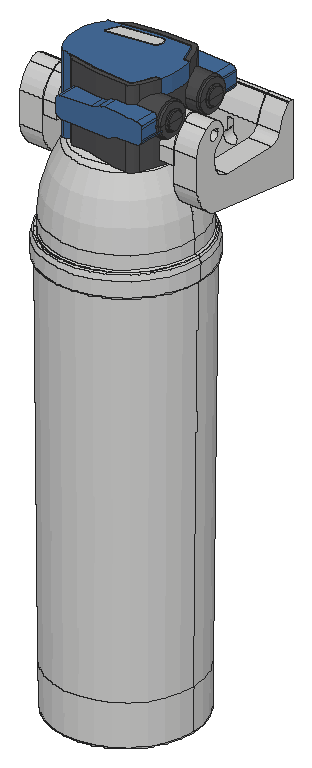
Revit family "QF_Vivreau_PURITY C300 Quell ST Advanced", category Specialty Equipment, Revit 2020 (continued)
Definition of nested family "QF_Vivreau_Wall Bracket_C300"
  Forms (in)
    Extrusion 4, void
      sketch origin (0, 0, 0) x (1, 0, 0) y (0, 0, 1)
        loop
          line (3.85556, 51.64984) -> (3.85556, 51.32671)
      from 0 to 0.50028
    Extrusion 5, solid
      sketch origin (0, 0, 0) x (0, 1, 0) y (0, 0, 1)
        loop
          arc (-3.32952, 53.13938) -> (-3.60078, 52.86696) -> (-3.74609, 52.51104) r 0.97803
          line (-3.74609, 52.51104) -> (-3.74609, 52.07575) -> (-3.04993, 52.07575) -> (-3.04993, 52.3197)
          arc (-3.04993, 52.3197) -> (-3.01891, 52.41996) -> (-2.95631, 52.50421) r 0.31113
          arc (-2.95631, 52.50421) -> (-2.87354, 52.58614) -> (-2.79381, 52.67102) r 3.21432
          arc (-2.79381, 52.67102) -> (-2.73635, 52.77182) -> (-2.7179, 52.88637) r 0.32555
          arc (-2.7179, 52.88637) -> (-2.77627, 53.07911) -> (-2.92668, 53.21301) r 0.37126
          arc (-2.92668, 53.21301) -> (-3.14017, 53.24223) -> (-3.32952, 53.13938) r 0.34587
      from 0.71175 to 1.13945
    Extrusion 6, solid
      sketch origin (4.34798, 0, 0) x (0, 1, 0) y (0, 0, 1)
        loop
          arc (-3.32952, 53.13938) -> (-3.60078, 52.86696) -> (-3.74609, 52.51104) r 0.97803
          line (-3.74609, 52.51104) -> (-3.74609, 52.07575) -> (-3.04993, 52.07575) -> (-3.04993, 52.3197)
          arc (-3.04993, 52.3197) -> (-3.01891, 52.41996) -> (-2.95631, 52.50421) r 0.31113
          arc (-2.95631, 52.50421) -> (-2.87354, 52.58614) -> (-2.79381, 52.67102) r 3.21432
          arc (-2.79381, 52.67102) -> (-2.73635, 52.77182) -> (-2.7179, 52.88637) r 0.32555
          arc (-2.7179, 52.88637) -> (-2.77627, 53.07911) -> (-2.92668, 53.21301) r 0.37126
          arc (-2.92668, 53.21301) -> (-3.14017, 53.24223) -> (-3.32952, 53.13938) r 0.34587
      from 0 to 0.4277
    Extrusion 7, solid
      sketch origin (0, 0, 0) x (0, 1, 0) y (0, 0, 1)
        loop
          circle (-3.06236, 52.875) r 0.17302
      from 1.13945 to 1.35172
    Extrusion 8, solid
      sketch origin (2.86179, 0, 0) x (0, 1, 0) y (0, 0, 1)
        loop
          circle (-3.06236, 52.875) r 0.17302
      from 1.19877 to 1.48618
  Cuts and joins
    Extrusion 4 cuts Extrusion 3
  Lines and regions (in)
    symbolic lines
      curve 1: line (0, -3.23537, 52.875) -> (0, -2.88934, 52.875)
      curve 2: line (0.40405, -0.13295, 0) -> (0.40405, 0, 0)
      curve 3: line (0.40405, 0, 0) -> (5.08337, 0, 0)
      curve 4: line (5.08337, -0.13295, 0) -> (5.08337, 0, 0)
      curve 5: line (0.40405, -0.13295, 0) -> (5.08337, -0.13295, 0)
      curve 6: arc (0.40405, -0.13295, 0) -> (0.42218, -0.30656, 0) -> (0.44979, -0.47891, 0) r 3.18691
      curve 7: arc (0.44979, -0.47891, 0) -> (0.44265, -0.54927, 0) -> (0.42407, -0.6175, 0) r 0.42983
      curve 8: arc (0.42407, -0.6175, 0) -> (0.08893, -1.60757, 0) -> (0, -2.64903, 0) r 4.34392
      curve 9: arc (1.01852, -0.51986, 0) -> (0.66155, -1.5729, 0) -> (0.57957, -2.68176, 0) r 4.40598
      curve 10: line (0.39328, -2.68176, 0) -> (1.02034, -2.68176, 0)
      curve 11: line (1.02034, -2.68176, 0) -> (1.02034, -3.68176, 0)
      curve 12: arc (0.39328, -2.68176, 0) -> (0.27454, -2.7648, 0) -> (0.22894, -2.90232, 0) r 0.23018
      curve 13: arc (0.12248, -3.08148, 0) -> (0.15422, -3.06272, 0) -> (0.17635, -3.03322, 0) r 0.09432
      curve 14: arc (0.17635, -3.03322, 0) -> (0.20476, -2.96863, 0) -> (0.22894, -2.90232, 0) r 1.08965
      curve 15: arc (0.12248, -3.08148, 0) -> (0.0982, -3.08363, 0) -> (0.07385, -3.08469, 0) r 0.54642
      curve 16: arc (0.07385, -3.08469, 0) -> (0.04284, -3.05822, 0) -> (0.0293, -3.01977, 0) r 0.07844
      curve 17: arc (0.39328, -2.68176, 0) -> (0.44322, -2.69561, 0) -> (0.47889, -2.7332, 0) r 0.09696
      curve 18: arc (0.47889, -2.7332, 0) -> (0.51971, -2.80727, 0) -> (0.54276, -2.88864, 0) r 0.37227
      curve 19: arc (0.54276, -2.88864, 0) -> (0.55909, -3.03706, 0) -> (0.54276, -3.18547, 0) r 0.68254
      curve 20: arc (0.54276, -3.18547, 0) -> (0.46763, -3.39851, 0) -> (0.34409, -3.58761, 0) r 0.94478
      curve 21: arc (0.34409, -3.58761, 0) -> (0.29471, -3.65131, 0) -> (0.23677, -3.70733, 0) r 0.5646
      curve 22: arc (0.23677, -3.70733, 0) -> (0.20133, -3.72715, 0) -> (0.16121, -3.73335, 0) r 0.11449
      curve 23: arc (0.16121, -3.73335, 0) -> (0.12018, -3.73371, 0) -> (0.07926, -3.73682, 0) r 0.61075
      curve 24: arc (0.07926, -3.73682, 0) -> (0.02221, -3.70198, 0) -> (0, -3.63894, 0) r 0.09968
      curve 25: line (0, -3.63894, 0) -> (0, -2.64903, 0)
      curve 26: arc (0.0293, -3.01977, 0) -> (0.01004, -2.90893, 0) -> (0, -2.79687, 0) r 1.36079
      curve 27: arc (0.07926, -3.73682, 0) -> (0.21195, -3.74363, 0) -> (0.3448, -3.74609, 0) r 4.0609
      curve 28: arc (0.3448, -3.74609, 0) -> (0.65283, -3.73623, 0) -> (0.95923, -3.70313, 0) r 4.07828
      curve 29: arc (0.95923, -3.70313, 0) -> (0.99081, -3.69537, 0) -> (1.02034, -3.68176, 0) r 0.17058
      curve 30: arc (5.08337, -0.13295, 0) -> (5.06524, -0.30656, 0) -> (5.03763, -0.47891, 0) r 3.18691
      curve 31: arc (5.03763, -0.47891, 0) -> (5.04477, -0.54927, 0) -> (5.06335, -0.6175, 0) r 0.42983
      curve 32: arc (5.06335, -0.6175, 0) -> (5.39849, -1.60757, 0) -> (5.48742, -2.64903, 0) r 4.34392
      curve 33: arc (4.4689, -0.51986, 0) -> (4.82587, -1.5729, 0) -> (4.90785, -2.68176, 0) r 4.40598
      curve 34: line (5.09414, -2.68176, 0) -> (4.46708, -2.68176, 0)
      curve 35: line (4.46708, -2.68176, 0) -> (4.46708, -3.68176, 0)
      curve 36: arc (5.09414, -2.68176, 0) -> (5.21288, -2.7648, 0) -> (5.25848, -2.90232, 0) r 0.23018
      curve 37: arc (5.36494, -3.08148, 0) -> (5.3332, -3.06272, 0) -> (5.31108, -3.03322, 0) r 0.09432
      curve 38: arc (5.31108, -3.03322, 0) -> (5.28266, -2.96863, 0) -> (5.25848, -2.90232, 0) r 1.08965
      curve 39: arc (5.36494, -3.08148, 0) -> (5.38922, -3.08363, 0) -> (5.41358, -3.08469, 0) r 0.54642
      curve 40: arc (5.41358, -3.08469, 0) -> (5.44458, -3.05822, 0) -> (5.45812, -3.01977, 0) r 0.07844
      curve 41: arc (5.09414, -2.68176, 0) -> (5.0442, -2.69561, 0) -> (5.00853, -2.7332, 0) r 0.09696
      curve 42: arc (5.00853, -2.7332, 0) -> (4.96771, -2.80727, 0) -> (4.94466, -2.88864, 0) r 0.37227
      curve 43: arc (4.94466, -2.88864, 0) -> (4.92833, -3.03706, 0) -> (4.94466, -3.18547, 0) r 0.68254
      curve 44: arc (4.94466, -3.18547, 0) -> (5.01979, -3.39851, 0) -> (5.14334, -3.58761, 0) r 0.94478
      curve 45: arc (5.14334, -3.58761, 0) -> (5.19271, -3.65131, 0) -> (5.25065, -3.70733, 0) r 0.5646
      curve 46: arc (5.25065, -3.70733, 0) -> (5.28609, -3.72715, 0) -> (5.32621, -3.73335, 0) r 0.11449
      curve 47: arc (5.32621, -3.73335, 0) -> (5.36725, -3.73371, 0) -> (5.40816, -3.73682, 0) r 0.61075
      curve 48: arc (5.40816, -3.73682, 0) -> (5.46521, -3.70198, 0) -> (5.48742, -3.63894, 0) r 0.09968
      curve 49: line (5.48742, -3.63894, 0) -> (5.48742, -2.64903, 0)
      curve 50: arc (5.45812, -3.01977, 0) -> (5.47738, -2.90893, 0) -> (5.48742, -2.79687, 0) r 1.36079
      curve 51: arc (5.40816, -3.73682, 0) -> (5.27547, -3.74363, 0) -> (5.14262, -3.74609, 0) r 4.0609
      curve 52: arc (5.14262, -3.74609, 0) -> (4.8346, -3.73623, 0) -> (4.52819, -3.70313, 0) r 4.07828
      curve 53: arc (4.52819, -3.70313, 0) -> (4.49661, -3.69537, 0) -> (4.46708, -3.68176, 0) r 0.17058
      curve 54: line (1.1815, -2.88934, 0) -> (1.02034, -2.88934, 0)
      curve 55: line (1.1815, -2.88934, 0) -> (1.1815, -3.23537, 0)
      curve 56: line (1.1815, -3.23537, 0) -> (1.02034, -3.23537, 0)
      curve 57: line (4.17639, -2.88934, 0) -> (4.46708, -2.88934, 0)
      curve 58: line (4.17639, -2.88934, 0) -> (4.17639, -3.23537, 0)
      curve 59: line (4.17639, -3.23537, 0) -> (4.46708, -3.23537, 0)
      curve 60: line (1.01852, -0.51986, 0) -> (4.4689, -0.51986, 0)
      curve 61: line (0, 0, 0) -> (5.48742, 0, 0)
  Dimensions and locks (in)
    "Depth": plane 4 "FRONT" to plane 1 "BACK"
    equal spacing: plane 4 "FRONT", plane 5 "Center (Front/Back)", plane 1 "BACK"
    locked: plane 3 "LEFT" to plane 7 "RIGHT" at 5.48742
    equal spacing: plane 3 "LEFT", plane 8 "Center (Left/Right)", plane 7 "RIGHT"
    plane 10 "Center F/D" to plane 9 "Center F/C" to plane 11 "Center F/E" to plane 12 "Center F/F" to plane 6 "Center (Bottom/Top)" to plane 14 "Center F/L" = 0' - 0.36597" locked, 0' - 0.36396" locked, 0' - 0.94337" locked, 0' - 1.25532" locked, 1' - 2.31235" locked
    locked: plane 13 "Center F/I" to plane 10 "Center F/D" at 0.16528
    "Mounting Height": plane 14 "Center F/L" to plane 2 "REF. LAYER"
    aligned and locked: level to plane 2 "REF. LAYER"
    aligned and locked: plane 11 "Center F/E" to Extrusion 1 sketch curve
    aligned and locked: plane 1 "BACK" to Extrusion 1 sketch curve
    aligned and locked: plane 12 "Center F/F" to Extrusion 1 sketch curve
    aligned and locked: Extrusion 1 sketch curve to plane 12 "Center F/F"
    aligned and locked: plane 4 "FRONT" to Extrusion 1 sketch curve
    aligned and locked: plane 3 "LEFT" to curve 61
    aligned and locked: plane 7 "RIGHT" to curve 61
    aligned and locked: curve 61 to plane 2 "REF. LAYER"
    aligned and locked: Extrusion 5 to Extrusion 1
    aligned and locked: Extrusion 6 to Extrusion 2
  Automatic sketch dimensions
    curve 1 to plane 9 "Center F/C" = 0' - 0"
    curve 1 to plane 4 "FRONT" = 0' - 0.51072"
    curve 1 to curve 1 = 0' - 0.34603"
    Extrusion 1 sketch curve to plane 9 "Center F/C" = 0' - 0"
    Extrusion 1 sketch curve to plane 6 "Center (Bottom/Top)" = 0' - 0"
    Extrusion 1 sketch curve to plane 12 "Center F/F" = 0' - 0"
    Extrusion 1 sketch curve to plane 11 "Center F/E" = 0' - 0"
    plane 4 "FRONT" to Extrusion 1 sketch curve = 0' - 1.42987"
    plane 9 "Center F/C" to Extrusion 1 sketch curve = 0' - 0.00416"
    Extrusion 1 sketch curve to plane 4 "FRONT" = 0' - 0.657"
    Extrusion 1 sketch curve to Extrusion 1 sketch curve = 0' - 0.01111"
    Extrusion 1 sketch curve to Extrusion 1 sketch curve = 0' - 0.02674"
    Extrusion 1 sketch curve to plane 11 "Center F/E" = 0' - 0.19134"
    Extrusion 1 sketch curve to Extrusion 1 sketch curve = 0' - 0.01242"
    plane 6 "Center (Bottom/Top)" to Extrusion 1 sketch curve = 0' - 0.39563"
    Extrusion 1 sketch curve to plane 4 "FRONT" = 0' - 0.69616"
    Extrusion 1 sketch curve to Extrusion 1 sketch curve = 0' - 0.01897"
    Extrusion 1 sketch curve to Extrusion 1 sketch curve = 0' - 0.26431"
    Extrusion 1 sketch curve to Extrusion 1 sketch curve = 0' - 0.04417"
    plane 12 "Center F/F" to Extrusion 1 sketch curve = 0' - 0.12897"
    Extrusion 1 sketch curve to Extrusion 1 sketch curve = 0' - 0.1996"
    plane 1 "BACK" to Extrusion 1 sketch curve = 0' - 0.82448"
    Extrusion 1 sketch curve to Extrusion 1 sketch curve = 0' - 0.01126"
    plane 1 "BACK" to Extrusion 1 sketch curve = 0' - 0.13295"
    Extrusion 1 sketch curve to Extrusion 1 sketch curve = 0' - 0.01033"
    Extrusion 1 sketch curve to plane 12 "Center F/F" = 0' - 0.24956"
    Extrusion 1 sketch curve to plane 1 "BACK" = 0' - 1.35693"
    plane 12 "Center F/F" to Extrusion 1 sketch curve = 0' - 0.33547"
    Extrusion 1 sketch curve to plane 11 "Center F/E" = 0' - 0.23186"
    Extrusion 1 sketch curve to Extrusion 1 sketch curve = 0' - 0.04736"
    Extrusion 1 sketch curve to plane 11 "Center F/E" = 0' - 0.05594"
    plane 9 "Center F/C" to Extrusion 1 sketch curve = 0' - 0.00505"
    Extrusion 1 sketch curve to Extrusion 1 sketch curve = 0' - 0.02283"
    Extrusion 1 sketch curve to plane 10 "Center F/D" = 0' - 0.10159"
    Extrusion 1 sketch curve to Extrusion 1 sketch curve = 0' - 0"  (x3)
    plane 11 "Center F/E" to Extrusion 1 sketch curve = 0' - 0.15998"
    Extrusion 2 sketch curve to plane 4 "FRONT" = 0' - 0"
    Extrusion 2 sketch curve to plane 9 "Center F/C" = 0' - 0"
    Extrusion 2 sketch curve to plane 12 "Center F/F" = 0' - 0"  (x2)
    Extrusion 2 sketch curve to plane 11 "Center F/E" = 0' - 0"  (x2)
    Extrusion 2 sketch curve to plane 1 "BACK" = 0' - 0"
    Extrusion 2 sketch curve to plane 6 "Center (Bottom/Top)" = 0' - 0"
    plane 4 "FRONT" to Extrusion 2 sketch curve = 0' - 1.42987"
    plane 9 "Center F/C" to Extrusion 2 sketch curve = 0' - 0.00416"
    Extrusion 2 sketch curve to plane 4 "FRONT" = 0' - 0.657"
    Extrusion 2 sketch curve to Extrusion 2 sketch curve = 0' - 0.01111"
    Extrusion 2 sketch curve to Extrusion 2 sketch curve = 0' - 0.02674"
    Extrusion 2 sketch curve to plane 11 "Center F/E" = 0' - 0.19134"
    Extrusion 2 sketch curve to Extrusion 2 sketch curve = 0' - 0.01242"
    plane 6 "Center (Bottom/Top)" to Extrusion 2 sketch curve = 0' - 0.39563"
    Extrusion 2 sketch curve to plane 4 "FRONT" = 0' - 0.69616"
    Extrusion 2 sketch curve to Extrusion 2 sketch curve = 0' - 0.01897"
    Extrusion 2 sketch curve to Extrusion 2 sketch curve = 0' - 0.26431"
    Extrusion 2 sketch curve to Extrusion 2 sketch curve = 0' - 0.04417"
    plane 12 "Center F/F" to Extrusion 2 sketch curve = 0' - 0.12897"
    Extrusion 2 sketch curve to Extrusion 2 sketch curve = 0' - 0.1996"
    plane 1 "BACK" to Extrusion 2 sketch curve = 0' - 0.82448"
    Extrusion 2 sketch curve to Extrusion 2 sketch curve = 0' - 0.01126"
    plane 1 "BACK" to Extrusion 2 sketch curve = 0' - 0.13295"
    Extrusion 2 sketch curve to Extrusion 2 sketch curve = 0' - 0.01033"
    Extrusion 2 sketch curve to plane 12 "Center F/F" = 0' - 0.24956"
    Extrusion 2 sketch curve to plane 1 "BACK" = 0' - 1.35693"
    plane 12 "Center F/F" to Extrusion 2 sketch curve = 0' - 0.33547"
    Extrusion 2 sketch curve to plane 11 "Center F/E" = 0' - 0.23186"
    Extrusion 2 sketch curve to Extrusion 2 sketch curve = 0' - 0.04736"
    Extrusion 2 sketch curve to plane 11 "Center F/E" = 0' - 0.05594"
    plane 9 "Center F/C" to Extrusion 2 sketch curve = 0' - 0.00505"
    Extrusion 2 sketch curve to Extrusion 2 sketch curve = 0' - 0.02283"
    Extrusion 2 sketch curve to plane 10 "Center F/D" = 0' - 0.10159"
    Extrusion 2 sketch curve to Extrusion 2 sketch curve = 0' - 0"  (x3)
    plane 11 "Center F/E" to Extrusion 2 sketch curve = 0' - 0.15998"
    Extrusion 3 sketch curve to plane 11 "Center F/E" = 0' - 0"
    Extrusion 3 sketch curve to plane 1 "BACK" = 0' - 0"
    Extrusion 3 sketch curve to plane 6 "Center (Bottom/Top)" = 0' - 0"
    Extrusion 3 sketch curve to plane 11 "Center F/E" = 0' - 0.05594"
    plane 1 "BACK" to Extrusion 3 sketch curve = 0' - 0.12262"
    Extrusion 3 sketch curve to Extrusion 3 sketch curve = 0' - 0.01033"
    plane 6 "Center (Bottom/Top)" to Extrusion 3 sketch curve = 0' - 0.0649"
    plane 1 "BACK" to Extrusion 3 sketch curve = 0' - 0.50028"
    Extrusion 3 sketch curve to plane 12 "Center F/F" = 0' - 0.24956"
    Extrusion 3 sketch curve to plane 1 "BACK" = 0' - 1.35693"
    plane 12 "Center F/F" to Extrusion 3 sketch curve = 0' - 0.24852"
    plane 12 "Center F/F" to Extrusion 4 sketch curve = 0' - 0.08217"  (x2)
    Extrusion 4 sketch curve to plane 8 "Center (Left/Right)" = 0' - 1.30818"
    Extrusion 4 sketch curve to Extrusion 4 sketch curve = 0' - 0.10205"  (x2)
    plane 12 "Center F/F" to Extrusion 4 sketch curve = 0' - 0.04972"  (x2)
    Extrusion 4 sketch curve to Extrusion 4 sketch curve = 0' - 0.1025"  (x2)
    Extrusion 4 sketch curve to Extrusion 4 sketch curve = 0' - 0.205"  (x2)
    Extrusion 4 sketch curve to plane 12 "Center F/F" = 0' - 0.24096"
    plane 8 "Center (Left/Right)" to Extrusion 4 sketch curve = 0' - 1.11185"
    Extrusion 4 sketch curve to plane 12 "Center F/F" = 0' - 0.24147"
    Extrusion 4 sketch curve to Extrusion 4 sketch curve = 0' - 0.00051"
    Extrusion 4 sketch curve to Extrusion 4 sketch curve = 0' - 0.18093"
    Extrusion 5 sketch curve to plane 4 "FRONT" = 0' - 0"
    Extrusion 5 sketch curve to plane 11 "Center F/E" = 0' - 0"
    plane 4 "FRONT" to Extrusion 5 sketch curve = 0' - 1.42987"
    plane 9 "Center F/C" to Extrusion 5 sketch curve = 0' - 0.00416"
    Extrusion 5 sketch curve to plane 4 "FRONT" = 0' - 0.657"
    Extrusion 5 sketch curve to Extrusion 5 sketch curve = 0' - 0.01111"
    Extrusion 5 sketch curve to plane 4 "FRONT" = 0' - 0.69616"
    Extrusion 5 sketch curve to Extrusion 5 sketch curve = 0' - 0.0346"
    Extrusion 5 sketch curve to Extrusion 5 sketch curve = 0' - 0.26431"
    Extrusion 5 sketch curve to Extrusion 5 sketch curve = 0' - 0.04417"
    Extrusion 5 sketch curve to plane 11 "Center F/E" = 0' - 0.1845"
    Extrusion 5 sketch curve to plane 11 "Center F/E" = 0' - 0.19134"
    Extrusion 5 sketch curve to Extrusion 5 sketch curve = 0' - 0.04736"
    Extrusion 5 sketch curve to Extrusion 5 sketch curve = 0' - 0.43529"
    plane 9 "Center F/C" to Extrusion 5 sketch curve = 0' - 0.00505"
    Extrusion 5 sketch curve to Extrusion 5 sketch curve = 0' - 0.02283"
    Extrusion 5 sketch curve to plane 10 "Center F/D" = 0' - 0.10159"
    Extrusion 5 sketch curve to Extrusion 5 sketch curve = 0' - 0"  (x2)
    plane 11 "Center F/E" to Extrusion 5 sketch curve = 0' - 0.15998"
    Extrusion 6 sketch curve to plane 4 "FRONT" = 0' - 0"
    Extrusion 6 sketch curve to plane 11 "Center F/E" = 0' - 0"
    plane 4 "FRONT" to Extrusion 6 sketch curve = 0' - 1.42987"
    plane 9 "Center F/C" to Extrusion 6 sketch curve = 0' - 0.00416"
    Extrusion 6 sketch curve to plane 4 "FRONT" = 0' - 0.657"
    Extrusion 6 sketch curve to Extrusion 6 sketch curve = 0' - 0.01111"
    Extrusion 6 sketch curve to plane 4 "FRONT" = 0' - 0.69616"
    Extrusion 6 sketch curve to Extrusion 6 sketch curve = 0' - 0.0346"
    Extrusion 6 sketch curve to Extrusion 6 sketch curve = 0' - 0.26431"
    Extrusion 6 sketch curve to Extrusion 6 sketch curve = 0' - 0.04417"
    Extrusion 6 sketch curve to plane 11 "Center F/E" = 0' - 0.1845"
    Extrusion 6 sketch curve to plane 11 "Center F/E" = 0' - 0.19134"
    Extrusion 6 sketch curve to Extrusion 6 sketch curve = 0' - 0.04736"
    Extrusion 6 sketch curve to Extrusion 6 sketch curve = 0' - 0.43529"
    plane 9 "Center F/C" to Extrusion 6 sketch curve = 0' - 0.00505"
    Extrusion 6 sketch curve to Extrusion 6 sketch curve = 0' - 0.02283"
    Extrusion 6 sketch curve to plane 10 "Center F/D" = 0' - 0.10159"
    Extrusion 6 sketch curve to Extrusion 6 sketch curve = 0' - 0"  (x2)
    plane 11 "Center F/E" to Extrusion 6 sketch curve = 0' - 0.15998"
    Extrusion 7 sketch curve to plane 9 "Center F/C" = 0' - 0"
    Extrusion 7 sketch curve to plane 4 "FRONT" = 0' - 0.68374"
    Extrusion 8 sketch curve to plane 9 "Center F/C" = 0' - 0"
    Extrusion 8 sketch curve to plane 4 "FRONT" = 0' - 0.68374"
    curve 26 to plane 3 "LEFT" = 0' - 0"
    plane 4 "FRONT" to curve 27 = 0' - 0"
    plane 1 "BACK" to curve 2 = 0' - 0"
    plane 4 "FRONT" to curve 51 = 0' - 0"
    curve 48 to plane 7 "RIGHT" = 0' - 0"
    curve 19 to plane 3 "LEFT" = 0' - 0.12345"
    curve 21 to plane 3 "LEFT" = 0' - 0.12571"
    curve 20 to curve 19 = 0' - 0.25597"
    curve 14 to curve 20 = 0' - 0.42691"
    plane 3 "LEFT" to curve 7 = 0' - 0.02004"
    plane 3 "LEFT" to curve 15 = 0' - 0.06218"
    plane 3 "LEFT" to curve 13 = 0' - 0.09129"
    plane 3 "LEFT" to curve 24 = 0' - 0.09968"
    curve 13 to curve 16 = 0' - 0.01623"
    plane 3 "LEFT" to curve 23 = 0' - 0.146"
    curve 24 to curve 22 = 0' - 0.06438"
    curve 16 to curve 18 = 0' - 0.06786"
    plane 3 "LEFT" to curve 27 = 0' - 0.35368"
    curve 27 to curve 28 = 0' - 0.01466"
    curve 18 to curve 10 = 0' - 0.2179"
    plane 1 "BACK" to curve 5 = 0' - 0.13295"
    plane 3 "LEFT" to curve 5 = 0' - 0.40405"
    curve 17 to curve 12 = 0' - 0.06584"
    curve 12 to curve 33 = 0' - 0.11471"
    curve 29 to plane 4 "FRONT" = 0' - 0.21174"
    curve 22 to curve 29 = 0' - 0.77045"
    curve 33 to curve 11 = 0' - 0.51235"
    curve 10 to curve 32 = 0' - 0.12589"
    curve 32 to curve 26 = 0' - 0.213"
    curve 54 to curve 26 = 0' - 0.17773"
    curve 30 to plane 1 "BACK" = 0' - 0.11117"
    curve 30 to plane 8 "Center (Left/Right)" = 0' - 0.83788"
    curve 6 to plane 1 "BACK" = 0' - 0.11117"
    plane 8 "Center (Left/Right)" to curve 6 = 0' - 0.83788"
    curve 50 to plane 7 "RIGHT" = 0' - 1.35923"
    curve 50 to curve 57 = 0' - 0.0482"
    curve 50 to curve 8 = 0' - 0.213"
    curve 8 to curve 34 = 0' - 0.12589"
    curve 35 to curve 53 = 0' - 0.08583"
    curve 9 to plane 7 "RIGHT" = 0' - 0.50799"
    curve 9 to curve 36 = 0' - 0.04887"
    curve 5 to plane 7 "RIGHT" = 0' - 0.40405"
    curve 36 to curve 34 = 0' - 0.06584"
    curve 3 to curve 52 = 0' - 0.03571"
    curve 52 to curve 51 = 0' - 0.01466"
    curve 42 to plane 7 "RIGHT" = 0' - 0.17538"
    curve 46 to plane 7 "RIGHT" = 0' - 0 21/128"
    curve 47 to plane 7 "RIGHT" = 0' - 0.146"
    curve 42 to curve 40 = 0' - 0.06786"
    curve 46 to curve 48 = 0' - 0.06438"
    curve 40 to curve 37 = 0' - 0.01623"
    curve 39 to plane 7 "RIGHT" = 0' - 0.06218"
    curve 31 to plane 7 "RIGHT" = 0' - 0.02004"
    plane 7 "RIGHT" to curve 43 = 0' - 0.12345"
    plane 7 "RIGHT" to curve 45 = 0' - 0.12571"
    curve 43 to curve 44 = 0' - 0.25597"
    curve 44 to curve 38 = 0' - 0.42691"
    plane 4 "FRONT" to curve 47 = 0' - 0.59782"
    plane 4 "FRONT" to curve 23 = 0' - 0.59782"
    curve 11 to plane 4 "FRONT" = 0' - 0.06433"
    curve 35 to plane 4 "FRONT" = 0' - 0.06433"
    curve 52 to curve 48 = 0' - 0.10684"
    curve 28 to curve 24 = 0' - 0.10684"
    curve 24 to curve 25 = 0' - 0.00031"
    curve 48 to curve 49 = 0' - 0.00031"
    curve 48 to curve 46 = 0' - 0.02035"
    curve 24 to curve 22 = 0' - 0.02035"
    curve 35 to curve 53 = 0' - 0.14741"
    curve 25 to curve 21 = 0' - 0.36448"
    curve 49 to curve 45 = 0' - 0.36448"
    curve 56 to plane 4 "FRONT" = 0' - 0.51072"
    curve 53 to curve 58 = 0' - 0.29898"
    curve 21 to curve 19 = 0' - 0.23741"
    curve 45 to curve 43 = 0' - 0.23741"
    curve 19 to curve 16 = 0' - 0.02321"
    curve 43 to curve 40 = 0' - 0.02321"
    curve 16 to curve 13 = 0' - 0.02138"
    curve 40 to curve 37 = 0' - 0.02138"
    curve 19 to curve 20 = 0' - 0.05702"
    curve 43 to curve 44 = 0' - 0.05702"
    curve 40 to curve 42 = 0' - 0.06509"
    curve 16 to curve 18 = 0' - 0.06509"
    curve 18 to curve 12 = 0' - 0.04643"
    curve 42 to curve 36 = 0' - 0.04643"
    curve 58 to curve 57 = 0' - 0.34603"
    curve 55 to curve 54 = 0' - 0.34603"
    curve 36 to curve 41 = 0' - 0.12361"
    curve 12 to curve 17 = 0' - 0.12361"
    curve 57 to curve 50 = 0' - 0.15777"
    curve 54 to curve 26 = 0' - 0.15777"
    curve 54 to curve 11 = 0' - 0.20758"
    curve 57 to curve 34 = 0' - 0.20758"
    curve 12 to curve 25 = 0' - 0.25329"
    curve 36 to curve 49 = 0' - 0.25329"
    curve 20 to curve 14 = 0' - 0.41766"
    curve 44 to curve 38 = 0' - 0.41766"
    curve 8 to curve 15 = 0' - 0.11064"
    curve 32 to curve 39 = 0' - 0.11064"
    curve 34 to curve 8 = 0' - 0.18655"
    curve 10 to curve 32 = 0' - 0.18655"
    curve 9 to curve 33 = 0' - 0.23217"
    curve 33 to curve 9 = 0' - 0.23217"
    plane 1 "BACK" to curve 31 = 0' - 0.47084"
    plane 1 "BACK" to curve 7 = 0' - 0.47084"
    curve 51 to plane 1 "BACK" = 0' - 0.31479"
    curve 27 to plane 1 "BACK" = 0' - 0.31479"
    curve 51 to curve 52 = 0' - 0.01732"
    curve 27 to curve 28 = 0' - 0.01732"
    plane 3 "LEFT" to curve 26 = 0' - 0.0293"
    plane 3 "LEFT" to curve 16 = 0' - 0.07385"
    curve 27 to curve 24 = 0' - 0.02042"
    curve 16 to curve 13 = 0' - 0.04863"
    curve 22 to curve 23 = 0' - 0"
    curve 13 to curve 14 = 0' - 0"
    curve 21 to plane 4 "FRONT" = 0' - 0.03876"
    curve 20 to plane 4 "FRONT" = 0' - 0.15848"
    plane 3 "LEFT" to curve 8 = 0' - 0.42407"
    curve 17 to curve 17 = 0' - 0.08561"
    curve 19 to curve 20 = 0' - 0"
    curve 18 to curve 9 = 0' - 0.10068"
    plane 1 "BACK" to curve 9 = 0' - 0.51986"
    curve 52 to curve 53 = 0' - 0"
    curve 33 to curve 36 = 0' - 0.18629"
    curve 42 to curve 36 = 0' - 0.08364"
    curve 43 to curve 36 = 0' - 0.08364"
    curve 44 to curve 43 = 0' - 0"
    curve 31 to curve 4 = 0' - 0.04574"
    curve 45 to plane 4 "FRONT" = 0' - 0.15848"
    curve 46 to plane 4 "FRONT" = 0' - 0.03876"
    curve 37 to curve 38 = 0' - 0"
    curve 37 to curve 40 = 0' - 0.01496"
    curve 39 to curve 39 = 0' - 0.04863"
    curve 50 to plane 7 "RIGHT" = 0' - 0.0293"
    plane 10 "Center F/D" to Extrusion 1 sketch curve = 0' - 1.5881"
    plane 10 "Center F/D" to Extrusion 2 sketch curve = 0' - 1.5881"
    plane 10 "Center F/D" to Extrusion 5 sketch curve = 0' - 1.5881"
    plane 10 "Center F/D" to Extrusion 6 sketch curve = 0' - 1.5881"
    radius of Extrusion 1 sketch curve = 0' - 0.17302"
    radius of Extrusion 2 sketch curve = 0' - 0.17302"
    radius of Extrusion 7 sketch curve = 0' - 0.17302"
    radius of Extrusion 8 sketch curve = 0' - 0.17302"
